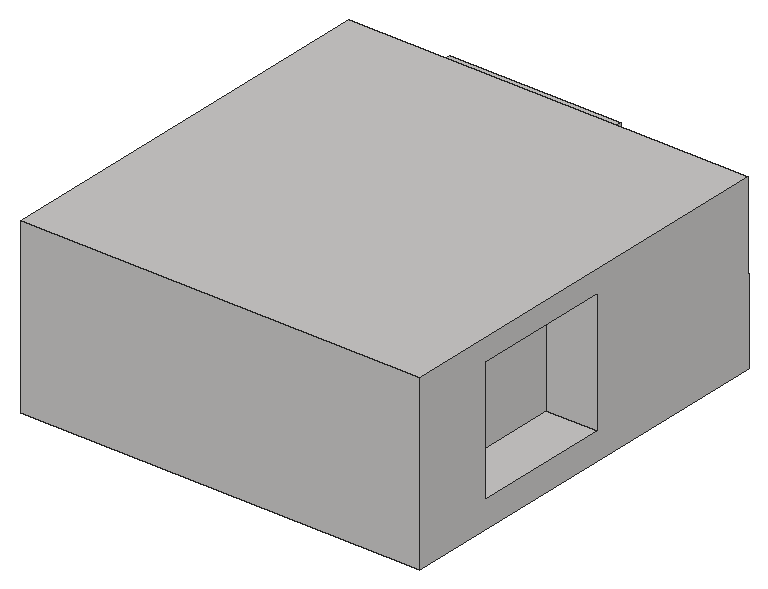
Revit family
Parameters
  Width = 4' - 0 1/8"
  Voltage = 208 V
  Unit Weight = "225.0 lbs"
  UltraLoc Liner = Choose Liner Option = 3  # no
  URL = "http://www.titus-hvac.com/"
  UL = "181"
  Supply Air Flow [instance] = 0 CFM
  SteriLoc Liner = Choose Liner Option = 2  # no
  Primary Air Pressure Drop [instance] = 0.00 in-wg
  Primary Air Flow [instance] = 0 CFM
  Plenum Air Pressure Drop [instance] = 0.00 in-wg
  Plenum Air Flow [instance] = 0 CFM
  Outlet Width = 1' - 4 1/2"
  Outlet Vertical Offset = 0' - 1 1/8"
  Outlet Horizontal Offset = 0' - 1 3/8"
  Outlet Height = 1' - 2 1/2"
  Number of Poles = 2
  Nominal Width = Width + 0' 6 1/4"  # 4' - 6 3/8"
  Nominal Length = Length + 0' 3 3/8"  # 4' - 2 1/4"
  Nominal Inlet Size = 1' - 2"
  Nominal Height = 1' - 8 1/8"
  NFPA = "90A"
  Motor Full Load Amps = 7.2 A
  Model = "DTQS"
  Min. Air Flow = 0 CFM
  Max. Air Flow = 0 CFM
  Material = Galvanized Steel
  Manufacturer = "Titus"
  Length = 3' - 10 7/8"
  Juction Box Offset = 0' - 6 7/8"
  Inlet Diameter = Nominal Inlet Size - 0' 0 1/8"  # 1' - 1 7/8"
  Induced offset = 0' - 1 1/4"
  Induced Air Inlet Offset = 0' - 4 1/2"
  Induced Air Inlet Width = 1' - 9"
  Induced Air Inlet Height = 1' - 5 1/2"
  Induced Air Filter = no
  Heating Total Capacity [instance] = 0 Btu/h
  Half Outlet Connection Width = Outlet Width / 2  # 0' - 8 1/4"
  Half Outlet Connection Height = Outlet Height / 2  # 0' - 7 1/4"
  Half Height Start = -(Nominal Height / 2)  # -0' - 10 1/16"
  Half Height End = Nominal Height / 2  # 0' - 10 1/16"
  HP-Motor = "3/4"
  Frequency = 60 Hz
  Filter Size = "27\"x20\""
  Fiber Free Liner = Choose Liner Option = 1  # no
  Fan Disconnect Switch = no
  Duct Radius = Nominal Inlet Size / 2  # 0' - 7"
  Description = "Series Fan Powered Terminal Unit, Direct Digital Control, Pressure Independent"
  Connection Void Radius = Connection Radius - 0' 0 1/4"  # 0' - 6 11/16"
  Connection Radius = Inlet Diameter / 2  # 0' - 6 15/16"
  Choose Liner Option = 0
  CADworks URL = "www.CADworks.net"
  Assembly Code = "D3040100"
  Apparent Power = Voltage * Motor Full Load Amps  # 1497.6 VA
  Air Inlet Offset = 0' - 10"
  1/2" Fiberglass Liner = Choose Liner Option = 0  # yes
Reference planes (in)
  plane 1 "Center (Front/Back)": y = 0
  plane 2: z = 0
  plane 3 "Center (Left/Right)": x = 3
  plane 4: x = -20.4375
  plane 5: x = 26.4375
  plane 6: x = -13.5625
  plane 7: x = -23.8125
  plane 8 "Center (Elevation)": z = 0
  plane 9: y = -24.0625
  plane 10: y = 24.0625
  plane 11: y = 14.0625
  plane 12: y = -19.5625
  plane 13: x = 20.4375
  plane 14: y = 30.3125
  plane 15: z = 10.0625
  plane 16: z = -10.0625
Forms (in)
  Extrusion 1, solid, material "Galvanized Steel" <- "Material"
    sketch origin (0, 0, 52) x (1, 0, 0) y (0, 1, 0)
      loop
        line (-20.4375, 24.0625) -> (-20.4375, -24.0625) -> (26.4375, -24.0625) -> (26.4375, 24.0625) -> (-20.4375, 24.0625)
    from -62.0625 <- "Half Height Start" to -41.9375 <- "Half Height End"
  Extrusion 2, solid, material "Galvanized Steel" <- "Material"
    sketch origin (5.0625, 0, -6) x (1, 0, 0) y (0, 1, 0)
      loop
        line (-18.625, 24.0625) -> (1.375, 24.0625) -> (1.375, 30.3125) -> (-18.625, 30.3125) -> (-18.625, 24.0625)
    from 0 to 12
  Extrusion 3, void
    sketch origin (26.4375, 24.0625, 53.125) x (0, 1, 0) y (0, 0, -1)
      loop
        line (-22.125, 45.5625) -> (-22.125, 60.0625) -> (-38.625, 60.0625) -> (-38.625, 45.5625) -> (-22.125, 45.5625)
    from 0 to 6
  Extrusion 4, solid, material "Galvanized Steel" <- "Material"
    sketch origin (-24.875, 0.5625, 0) x (0, 0, -1) y (0, 1, 0)
      loop
        circle (0, 13.5) r 6.9375
    from 1.0625 to 4.4375
  Extrusion 5, void
    sketch origin (-24.875, 0, 0) x (0, 1, 0) y (0, 0, 1)
      loop
        circle (14.0625, 0) r 6.6875
    from 1.0625 to 11.3125
  Extrusion 6, void
    sketch origin (-20.4375, -24.0625, 52) x (0, -1, 0) y (0, 0, -1)
      loop
        line (-25.5, 43.3125) -> (-4.5, 43.3125) -> (-4.5, 60.8125) -> (-25.5, 60.8125) -> (-25.5, 43.3125)
    from 0 to 6.875
Cuts and joins
  Extrusion 3, Extrusion 5, Extrusion 6 cuts Extrusion 1
  Extrusion 5 cuts Extrusion 4
Dimensions and locks (in)
  "Length": plane 5 to plane 4
  equal spacing: plane 5, plane 3 "Center (Left/Right)", plane 4
  locked: Extrusion 2 to plane 6 at 0
  locked: Extrusion 2 to Extrusion 2 at 20
  "Juction Box Offset": plane 6 to plane 4
  "Outlet Height": Extrusion 3 sketch curve to Extrusion 3 sketch curve
  "Outlet Width": Extrusion 3 sketch curve to Extrusion 3 sketch curve
  locked: plane 4 to plane 7 at 3.375
  "Width": plane 9 to plane 10
  equal spacing: plane 9, plane 1 "Center (Front/Back)", plane 10
  locked: Extrusion 4 sketch curve to level at 0
  locked: Extrusion 4 sketch curve to plane 11 at 0
  locked: Extrusion 5 sketch curve to level at 0
  locked: Extrusion 5 sketch curve to plane 11 at 0
  locked: Extrusion 2 to Extrusion 2 at 6.25
  "Air Inlet Offset": plane 10 to plane 11
  locked: Extrusion 2 to plane 10 at 0
  locked: cut or joined group of Extrusion 4, Extrusion 5 to plane 7 at 0
  locked: cut or joined group of Extrusion 4, Extrusion 5 to cut or joined group of Extrusion 4, Extrusion 5 at 3.375
  "Induced Air Inlet Offset": plane 9 to plane 12
  "Induced Air Inlet Width": Extrusion 6 sketch curve to Extrusion 6 sketch curve
  "Induced Air Inlet Height": Extrusion 6 sketch curve to Extrusion 6 sketch curve
  "Induced Air Inlet Offset": Extrusion 6 sketch curve to plane 9
  locked: plane 9 to Extrusion 3 sketch curve at 9.5
  cut or joined group of Extrusion 1, Extrusion 3, Extrusion 5, Extrusion 6 to Extrusion 3 sketch curve = 0' - 3 1/8"
  locked: Extrusion 2 to Extrusion 2 at 12
  equal spacing: Extrusion 2, level, Extrusion 2
  locked: cut or joined group of Extrusion 1, Extrusion 3, Extrusion 5, Extrusion 6 to cut or joined group of Extrusion 1, Extrusion 3, Extrusion 5, Extrusion 6 at 20.125
  equal spacing: cut or joined group of Extrusion 1, Extrusion 3, Extrusion 5, Extrusion 6, level, cut or joined group of Extrusion 1, Extrusion 3, Extrusion 5, Extrusion 6
  "Induced offset": Extrusion 6 sketch curve to cut or joined group of Extrusion 1, Extrusion 3, Extrusion 5, Extrusion 6
  "Connection Radius": radius of Extrusion 4 sketch curve
  "Connection Void Radius": radius of Extrusion 5 sketch curve
  aligned and locked: plane 6 to Extrusion 6
  aligned and locked: Extrusion 3 to plane 13
  aligned and locked: plane 5 to cut or joined group of Extrusion 1, Extrusion 3, Extrusion 5, Extrusion 6
  aligned and locked: cut or joined group of Extrusion 1, Extrusion 3, Extrusion 5, Extrusion 6 to plane 4
  aligned and locked: cut or joined group of Extrusion 1, Extrusion 3, Extrusion 5, Extrusion 6 to plane 10
  aligned and locked: plane 9 to cut or joined group of Extrusion 1, Extrusion 3, Extrusion 5, Extrusion 6
  aligned and locked: Extrusion 1 to Extrusion 6
  aligned and locked: Extrusion 5 to plane 7
  aligned and locked: plane 6 to Extrusion 5
Automatic sketch dimensions
  Extrusion 1 sketch curve to plane 4 = 0' - 0"
  plane 5 to Extrusion 1 sketch curve = 0' - 0"
  Extrusion 1 sketch curve to plane 9 = 0' - 0"
  Extrusion 1 sketch curve to plane 10 = 0' - 0"
  Extrusion 2 sketch curve to plane 6 = 0' - 0"
  Extrusion 2 sketch curve to plane 10 = 0' - 0"
  plane 3 "Center (Left/Right)" to Extrusion 2 sketch curve = 0' - 3 7/16"
  Extrusion 2 sketch curve to plane 10 = 0' - 6 1/4"
Connectors (in)
  electrical at (-3.5625, 30.3125, 0), driven by "Apparent Power", driven by "Voltage", driven by "Number of Poles"
    settings: on Extrusion 2, index 8
  hvac at (-23.8125, 14.0625, 0), driven by "Primary Air Flow", driven by "Duct Radius", driven by "Primary Air Pressure Drop"
    settings: on cut or joined group of Extrusion 4, Extrusion 5, index 9
  hvac at (-20.4375, -9.0625, -0.0625), driven by "Induced Air Inlet Height", driven by "Induced Air Inlet Width", driven by "Plenum Air Pressure Drop", driven by "Plenum Air Flow"
    settings: on cut or joined group of Extrusion 1, Extrusion 3, Extrusion 5, Extrusion 6, index 12
  hvac at (26.4375, -6.3125, 0.3125), driven by "Supply Air Flow", driven by "Outlet Width", driven by "Outlet Height"
    settings: on cut or joined group of Extrusion 1, Extrusion 3, Extrusion 5, Extrusion 6, index 13
